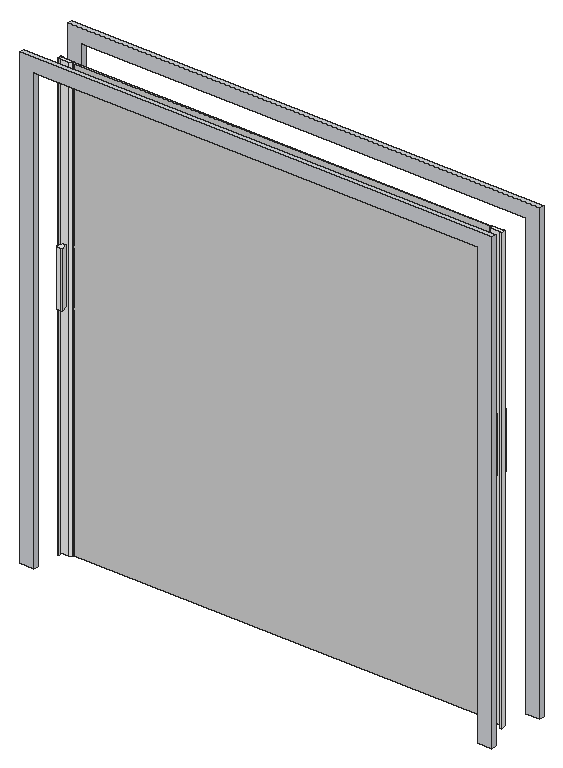
Revit family "Woodfold-Accordion-Door-Family-Series-740-Double", category Doors, host Wall, Revit 2026 (continued)
Definition of nested family "Detail - Panel Section - Recessed Track"
  Lines and regions (in)
    detail lines, in view "Ref. Level"
      curve 30: line (47.35392, -2.28816, 0) -> (47.03637, -2.28816, 0)
      curve 31: arc (47.07493, -2.22839, 0) -> (47.01689, -2.29205, 0) -> (46.95504, -2.23208, 0) r 0.06
      curve 32: line (47.315, -2.25816, 0) -> (47.06907, -2.25816, 0)
      curve 33: line (47.07493, -2.22839, 0) -> (47.35392, -2.22816, 0)
      curve 34: line (47.07511, -2.17209, 0) -> (47.07511, -2.22839, 0)
      curve 35: line (47.375, -2.17209, 0) -> (47.07511, -2.17209, 0)
      curve 36: line (47.375, -2.40479, 0) -> (47.375, 2.40479, 0)
      curve 37: arc (46.955, -1.14495, 0) -> (46.97747, -1.18941, 0) -> (46.955, -1.23387, 0) r 0.05523
      curve 38: arc (46.955, -0.39495, 0) -> (46.97747, -0.43941, 0) -> (46.955, -0.48387, 0) r 0.05523
      curve 39: arc (46.955, 0.47505, 0) -> (46.97747, 0.43059, 0) -> (46.955, 0.38613, 0) r 0.05523
      curve 40: arc (46.955, 1.22505, 0) -> (46.97747, 1.18059, 0) -> (46.955, 1.13613, 0) r 0.05523
      curve 41: arc (46.955, 2.11176, 0) -> (46.96964, 2.14712, 0) -> (47.005, 2.16176, 0) r 0.05
      curve 42: line (47.375, 2.16176, 0) -> (47.005, 2.16176, 0)
      curve 43: arc (47.07511, 1.34792, 0) -> (47.01511, 1.40792, 0) -> (47.07511, 1.46792, 0) r 0.06
      curve 44: arc (47.07511, 1.46792, 0) -> (47.13511, 1.40792, 0) -> (47.07511, 1.34792, 0) r 0.06
      curve 45: arc (47.07511, -1.44643, 0) -> (47.01511, -1.38643, 0) -> (47.07511, -1.32643, 0) r 0.06
      curve 46: arc (47.07511, -1.32643, 0) -> (47.13511, -1.38643, 0) -> (47.07511, -1.44643, 0) r 0.06
      curve 47: arc (47.375, 2.199, 0) -> (47.41022, 2.28802, 0) -> (47.375, 2.37703, 0) r 0.13011
      curve 48: line (47.35392, 2.21839, 0) -> (47.35392, 2.35623, 0)
      curve 49: line (47.35392, 2.22816, 0) -> (46.955, 2.22816, 0)
      curve 94: line (48, -2.40479, 0) -> (48, 2.34521, 0)
      curve 96: line (46.955, -2.23208, 0) -> (46.955, 2.11176, 0)
      curve 98: line (1.73233, -2.22816, 0) -> (1.73233, 2.11585, 0)
    detail lines, in view "Ref. Level", not visible
      curve 50: arc (0, -2.199, 0) -> (-0.03522, -2.28802, 0) -> (0, -2.37703, 0) r 0.13011
      curve 51: line (0.02108, -2.21839, 0) -> (0.02108, -2.35623, 0)
      curve 52: line (0.02108, -2.28816, 0) -> (0.33863, -2.28816, 0)
      curve 53: arc (0.30007, -2.22839, 0) -> (0.36007, -2.29208, 0) -> (0.41983, -2.22816, 0) r 0.06
      curve 54: line (0.06, -2.25816, 0) -> (0.30593, -2.25816, 0)
      curve 55: line (0.30007, -2.22839, 0) -> (0.02108, -2.22816, 0)
      curve 56: line (0.29989, -2.17209, 0) -> (0.29989, -2.22839, 0)
      curve 57: line (0, -2.17209, 0) -> (0.29989, -2.17209, 0)
      curve 58: line (0, -2.40479, 0) -> (0, 2.40479, 0)
      curve 59: arc (0.41983, -1.14507, 0) -> (0.39753, -1.18941, 0) -> (0.41983, -1.23375, 0) r 0.05523
      curve 60: arc (0.41983, -0.39507, 0) -> (0.39753, -0.43941, 0) -> (0.41983, -0.48375, 0) r 0.05523
      curve 61: arc (0.41983, 0.47493, 0) -> (0.39753, 0.43059, 0) -> (0.41983, 0.38625, 0) r 0.05523
      curve 62: arc (0.41983, 1.22493, 0) -> (0.39753, 1.18059, 0) -> (0.41983, 1.13625, 0) r 0.05523
      curve 63: arc (0.41983, 2.11585, 0) -> (0.40388, 2.14854, 0) -> (0.37, 2.16176, 0) r 0.05
      curve 64: line (0, 2.16176, 0) -> (0.37, 2.16176, 0)
      curve 65: arc (0.29989, 1.34792, 0) -> (0.35989, 1.40792, 0) -> (0.29989, 1.46792, 0) r 0.06
      curve 66: arc (0.29989, 1.46792, 0) -> (0.23989, 1.40792, 0) -> (0.29989, 1.34792, 0) r 0.06
      curve 67: arc (0.29989, -1.44643, 0) -> (0.35989, -1.38643, 0) -> (0.29989, -1.32643, 0) r 0.06
      curve 68: arc (0.29989, -1.32643, 0) -> (0.23989, -1.38643, 0) -> (0.29989, -1.44643, 0) r 0.06
      curve 69: arc (0, 2.199, 0) -> (-0.03522, 2.28802, 0) -> (0, 2.37703, 0) r 0.13011
      curve 70: line (0.02108, 2.21839, 0) -> (0.02108, 2.35623, 0)
      curve 71: line (0.41983, 2.22816, 0) -> (0.02108, 2.22816, 0)
      curve 72: arc (8.68994, -2.199, 0) -> (8.72516, -2.28802, 0) -> (8.68994, -2.37703, 0) r 0.13011
      curve 73: line (8.66886, -2.21839, 0) -> (8.66886, -2.35623, 0)
      curve 74: line (8.66886, -2.28816, 0) -> (8.35131, -2.28816, 0)
      curve 75: arc (8.38987, -2.22839, 0) -> (8.33183, -2.29205, 0) -> (8.26998, -2.23208, 0) r 0.06
      curve 76: line (8.62994, -2.25816, 0) -> (8.38402, -2.25816, 0)
      curve 77: line (8.38987, -2.22839, 0) -> (8.66886, -2.22816, 0)
      curve 78: line (8.39005, -2.17209, 0) -> (8.39005, -2.22839, 0)
      curve 79: line (8.68994, -2.17209, 0) -> (8.39005, -2.17209, 0)
      curve 80: line (8.68994, -2.40479, 0) -> (8.68994, 2.40479, 0)
      curve 81: arc (8.26994, -1.14495, 0) -> (8.29241, -1.18941, 0) -> (8.26994, -1.23387, 0) r 0.05523
      curve 82: arc (8.26994, -0.39495, 0) -> (8.29241, -0.43941, 0) -> (8.26994, -0.48387, 0) r 0.05523
      curve 83: arc (8.26994, 0.47505, 0) -> (8.29241, 0.43059, 0) -> (8.26994, 0.38613, 0) r 0.05523
      curve 84: arc (8.26994, 1.22505, 0) -> (8.29241, 1.18059, 0) -> (8.26994, 1.13613, 0) r 0.05523
      curve 85: arc (8.26994, 2.11176, 0) -> (8.28459, 2.14712, 0) -> (8.31994, 2.16176, 0) r 0.05
      curve 86: line (8.68994, 2.16176, 0) -> (8.31994, 2.16176, 0)
      curve 87: arc (8.39005, 1.34792, 0) -> (8.33005, 1.40792, 0) -> (8.39005, 1.46792, 0) r 0.06
      curve 88: arc (8.39005, 1.46792, 0) -> (8.45005, 1.40792, 0) -> (8.39005, 1.34792, 0) r 0.06
      curve 89: arc (8.39005, -1.44643, 0) -> (8.33005, -1.38643, 0) -> (8.39005, -1.32643, 0) r 0.06
      curve 90: arc (8.39005, -1.32643, 0) -> (8.45005, -1.38643, 0) -> (8.39005, -1.44643, 0) r 0.06
      curve 91: arc (8.68994, 2.199, 0) -> (8.72516, 2.28802, 0) -> (8.68994, 2.37703, 0) r 0.13011
      curve 92: line (8.66886, 2.21839, 0) -> (8.66886, 2.35623, 0)
      curve 93: line (8.66886, 2.22816, 0) -> (8.26994, 2.22816, 0)
      curve 95: line (9.31494, -2.40479, 0) -> (9.31494, 2.34521, 0)
      curve 97: line (8.26994, -2.23208, 0) -> (8.26994, 2.11176, 0)
      curve 99: line (0.41983, -2.22816, 0) -> (0.41983, 2.11585, 0)
  Dimensions and locks (in)
    "built-in parameter 1001306": plane 3 "Left" to plane 4 "Right"
    locked: plane 5 to plane 4 "Right" at 1.045
    aligned and locked: plane 1 "Center (Front/Back)" to curve 1
    aligned and locked: plane 4 "Right" to curve 1
    aligned and locked: plane 3 "Left" to curve 1
    aligned and locked: curve 94 to plane 4 "Right"
    aligned and locked: Filled region 1 to plane 5
    aligned and locked: curve 24 to curve 25
    aligned and locked: curve 8 to curve 4
    aligned and locked: curve 12 to nested 1
    aligned and locked: Filled region 1 to curve 98
  Automatic sketch dimensions
    plane 1 "Center (Front/Back)" to Filled region 1 sketch curve = 0' - 2.22816"
    Filled region 1 sketch curve to plane 1 "Center (Front/Back)" = 0' - 2.2317"
    plane 3 "Left" to Filled region 1 sketch curve = 3' - 10.955"
    plane 3 "Left" to Filled region 1 sketch curve = 0' - 1.73233"
    curve 38 to curve 39 = 0' - 0"
    curve 40 to curve 39 = 0' - 0"
    curve 38 to curve 37 = 0' - 0"
    curve 49 to curve 40 = 0' - 0"
    curve 37 to curve 37 = 0' - 0.03276"
    curve 49 to curve 41 = 0' - 0"
    curve 37 to curve 31 = 0' - 0.00004"
    curve 41 to curve 41 = 0' - 0.05"
    curve 42 to curve 41 = 0' - 0"
    curve 31 to curve 30 = 0' - 0.02133"
    curve 30 to curve 32 = 0' - 0.0327"
    curve 32 to curve 33 = 0' - 0.00585"
    curve 37 to curve 46 = 0' - 0.12011"
    curve 40 to curve 43 = 0' - 0.12011"
    curve 31 to curve 35 = 0' - 0.00018"
    curve 42 to curve 47 = 0' - 0.27511"
    curve 32 to curve 28 = 0' - 0.21103"
    curve 28 to curve 32 = 0' - 0.03489"
    curve 47 to curve 48 = 0' - 0.07381"
    curve 32 to curve 29 = 0' - 0.03892"
    curve 29 to curve 28 = 0' - 0.02108"
    curve 47 to curve 94 = 0' - 0 5/8"
    curve 36 to curve 94 = 0' - 0"
    curve 36 to curve 28 = 0' - 0.02776"
    curve 28 to curve 29 = 0' - 0.0208"
    curve 29 to curve 30 = 0' - 0.06807"
    curve 30 to curve 28 = 0' - 0.00014"
    curve 30 to curve 32 = 0' - 0.03"
    curve 31 to curve 34 = 0' - 0"
    curve 33 to curve 29 = 0' - 0.00977"
    curve 34 to curve 34 = 0' - 0.0563"
    curve 34 to curve 46 = 0' - 0.72566"
    curve 45 to curve 45 = 0' - 0.06"
    curve 45 to curve 37 = 0' - 0.09256"
    curve 37 to curve 37 = 0' - 0.04446"
    curve 37 to curve 38 = 0' - 0.66108"
    curve 38 to curve 38 = 0' - 0.04446"
    curve 38 to curve 39 = 0' - 0.78108"
    curve 39 to curve 39 = 0' - 0.04446"
    curve 39 to curve 40 = 0' - 0.66108"
    curve 40 to curve 40 = 0' - 0.04446"
    curve 40 to curve 43 = 0' - 0.12287"
    curve 43 to curve 44 = 0' - 0.06"
    curve 43 to curve 41 = 0' - 0.64384"
    curve 41 to curve 42 = 0' - 0"
    curve 42 to curve 47 = 0' - 0.03724"
    curve 47 to curve 48 = 0' - 0.01939"
    curve 42 to curve 49 = 0' - 0 17/256"
    curve 49 to curve 47 = 0' - 0.05986"
    curve 94 to curve 47 = 0' - 0.03183"
    curve 48 to curve 47 = 0' - 0.0208"
    curve 47 to curve 36 = 0' - 0.02776"
    curve 82 to curve 83 = 0' - 0"
    curve 84 to curve 83 = 0' - 0"
    curve 82 to curve 81 = 0' - 0"
    curve 93 to curve 84 = 0' - 0"
    curve 81 to curve 81 = 0' - 0.03276"
    curve 93 to curve 85 = 0' - 0"
    curve 81 to curve 75 = 0' - 0.00004"
    curve 85 to curve 85 = 0' - 0.05"
    curve 86 to curve 85 = 0' - 0"
    curve 75 to curve 74 = 0' - 0.02133"
    curve 74 to curve 76 = 0' - 0.0327"
    curve 76 to curve 77 = 0' - 0.00585"
    curve 81 to curve 90 = 0' - 0.12011"
    curve 84 to curve 87 = 0' - 0.12011"
    curve 75 to curve 79 = 0' - 0.00018"
    curve 86 to curve 91 = 0' - 0.27511"
    curve 76 to curve 72 = 0' - 0.21103"
    curve 72 to curve 76 = 0' - 0.03489"
    curve 91 to curve 92 = 0' - 0.07381"
    curve 76 to curve 73 = 0' - 0.03892"
    curve 73 to curve 72 = 0' - 0.02108"
    curve 91 to curve 95 = 0' - 0 5/8"
    curve 80 to curve 95 = 0' - 0"
    curve 80 to curve 72 = 0' - 0.02776"
    curve 72 to curve 73 = 0' - 0.0208"
    curve 73 to curve 74 = 0' - 0.06807"
    curve 74 to curve 72 = 0' - 0.00014"
    curve 74 to curve 76 = 0' - 0.03"
    curve 75 to curve 78 = 0' - 0"
    curve 77 to curve 73 = 0' - 0.00977"
    curve 78 to curve 78 = 0' - 0.0563"
    curve 78 to curve 90 = 0' - 0.72566"
    curve 89 to curve 89 = 0' - 0.06"
    curve 89 to curve 81 = 0' - 0.09256"
    curve 81 to curve 81 = 0' - 0.04446"
    curve 81 to curve 82 = 0' - 0.66108"
    curve 82 to curve 82 = 0' - 0.04446"
    curve 82 to curve 83 = 0' - 0.78108"
    curve 83 to curve 83 = 0' - 0.04446"
    curve 83 to curve 84 = 0' - 0.66108"
    curve 84 to curve 84 = 0' - 0.04446"
    curve 84 to curve 87 = 0' - 0.12287"
    curve 87 to curve 88 = 0' - 0.06"
    curve 87 to curve 85 = 0' - 0.64384"
    curve 85 to curve 86 = 0' - 0"
    curve 86 to curve 91 = 0' - 0.03724"
    curve 91 to curve 92 = 0' - 0.01939"
    curve 86 to curve 93 = 0' - 0 17/256"
    curve 93 to curve 91 = 0' - 0.05986"
    curve 95 to curve 91 = 0' - 0.03183"
    curve 92 to curve 91 = 0' - 0.0208"
    curve 91 to curve 80 = 0' - 0.02776"
    curve 43 to curve 44 = 0' - 0"  (x2)
    curve 45 to curve 46 = 0' - 0"  (x2)
    curve 96 to curve 31 = 0' - 0"
    curve 96 to curve 41 = 0' - 0"
    curve 87 to curve 88 = 0' - 0"  (x2)
    curve 89 to curve 90 = 0' - 0"  (x2)
    curve 97 to curve 75 = 0' - 0"
    curve 97 to curve 85 = 0' - 0"
    curve 25 to curve 26 = 0' - 0.04008"
    plane 3 "Left" to curve 8 = 0' - 1.56879"
    curve 8 to curve 9 = 0' - 0.0327"
    curve 9 to plane 5 = 0' - 0.00601"
    curve 8 to plane 5 = 0' - 0.03871"
    curve 26 to plane 5 = 0' - 0.36858"
    curve 26 to curve 25 = 0' - 0.03034"
    curve 8 to curve 9 = 0' - 0.03"
    curve 26 to plane 1 "Center (Front/Back)" = 0' - 2.26161"
    curve 26 to curve 25 = 0' - 0.03"
    curve 23 to curve 24 = 0' - 0.02108"
    curve 2 to curve 3 = 0' - 0.02108"
    curve 4 to curve 6 = 0' - 0.03892"
    curve 27 to curve 23 = 0' - 0.07381"
    curve 6 to curve 2 = 0' - 0.03489"
    curve 2 to curve 10 = 0' - 0.205"
    curve 18 to curve 19 = 0' - 0.29989"
    curve 10 to curve 22 = 0' - 0"
    curve 10 to curve 5 = 0' - 0.00018"
    curve 5 to curve 6 = 0' - 0.00585"
    curve 6 to curve 4 = 0' - 0.0327"
    curve 4 to curve 5 = 0' - 0.02133"
    curve 23 to curve 18 = 0' - 0.27511"
    curve 17 to curve 18 = 0' - 0"  (x2)
    curve 17 to curve 17 = 0' - 0.04983"
    curve 18 to curve 27 = 0' - 0.04983"
    curve 16 to curve 16 = 0' - 0.03293"
    curve 13 to curve 13 = 0' - 0.03293"
    curve 15 to curve 15 = 0' - 0.03293"
    curve 14 to curve 14 = 0' - 0.03293"
    curve 12 to curve 2 = 0' - 0.02776"
    curve 2 to curve 3 = 0' - 0.0208"
    curve 3 to curve 4 = 0' - 0.06807"
    curve 4 to curve 2 = 0' - 0.00014"
    curve 4 to curve 6 = 0' - 0.03"
    curve 7 to curve 10 = 0' - 0"
    curve 7 to curve 3 = 0' - 0.00977"
    curve 10 to curve 11 = 0' - 0.0563"
    curve 10 to curve 22 = 0' - 0.72566"
    curve 21 to curve 22 = 0' - 0.06"
    curve 21 to curve 13 = 0' - 0.09268"
    curve 13 to curve 13 = 0' - 0.04434"
    curve 13 to curve 14 = 0' - 0.66132"
    curve 14 to curve 14 = 0' - 0.04434"
    curve 14 to curve 15 = 0' - 0.78133"
    curve 15 to curve 15 = 0' - 0.04434"
    curve 15 to curve 16 = 0' - 0.66132"
    curve 16 to curve 16 = 0' - 0.04434"
    curve 16 to curve 19 = 0' - 0.12299"
    curve 19 to curve 20 = 0' - 0.06"
    curve 19 to curve 17 = 0' - 0.64384"
    curve 17 to curve 17 = 0' - 0.00409"
    curve 18 to curve 23 = 0' - 0.03724"
    curve 23 to curve 24 = 0' - 0.01939"
    curve 24 to curve 27 = 0' - 0.00977"
    curve 27 to curve 23 = 0' - 0.05986"
    curve 24 to curve 23 = 0' - 0.0208"
    curve 23 to curve 12 = 0' - 0.02776"
    curve 19 to curve 20 = 0' - 0"  (x2)
    curve 21 to curve 22 = 0' - 0"  (x2)
    curve 69 to curve 70 = 0' - 0.02108"
    curve 50 to curve 51 = 0' - 0.02108"
    curve 52 to curve 54 = 0' - 0.03892"
    curve 71 to curve 69 = 0' - 0.07381"
    curve 54 to curve 50 = 0' - 0.03489"
    curve 50 to curve 56 = 0' - 0.205"
    curve 64 to curve 65 = 0' - 0.29989"
    curve 56 to curve 68 = 0' - 0"
    curve 56 to curve 53 = 0' - 0.00018"
    curve 53 to curve 54 = 0' - 0.00585"
    curve 54 to curve 52 = 0' - 0.0327"
    curve 52 to curve 53 = 0' - 0.02133"
    curve 69 to curve 64 = 0' - 0.27511"
    curve 63 to curve 64 = 0' - 0"  (x2)
    curve 63 to curve 63 = 0' - 0.04983"
    curve 64 to curve 71 = 0' - 0.04983"
    curve 62 to curve 62 = 0' - 0.03293"
    curve 59 to curve 59 = 0' - 0.03293"
    curve 61 to curve 61 = 0' - 0.03293"
    curve 60 to curve 60 = 0' - 0.03293"
    curve 58 to curve 50 = 0' - 0.02776"
    curve 50 to curve 51 = 0' - 0.0208"
    curve 51 to curve 52 = 0' - 0.06807"
    curve 52 to curve 50 = 0' - 0.00014"
    curve 52 to curve 54 = 0' - 0.03"
    curve 55 to curve 56 = 0' - 0"
    curve 55 to curve 51 = 0' - 0.00977"
    curve 56 to curve 57 = 0' - 0.0563"
    curve 56 to curve 68 = 0' - 0.72566"
    curve 67 to curve 68 = 0' - 0.06"
    curve 67 to curve 59 = 0' - 0.09268"
    curve 59 to curve 59 = 0' - 0.04434"
    curve 59 to curve 60 = 0' - 0.66132"
    curve 60 to curve 60 = 0' - 0.04434"
    curve 60 to curve 61 = 0' - 0.78133"
    curve 61 to curve 61 = 0' - 0.04434"
    curve 61 to curve 62 = 0' - 0.66132"
    curve 62 to curve 62 = 0' - 0.04434"
    curve 62 to curve 65 = 0' - 0.12299"
    curve 65 to curve 66 = 0' - 0.06"
    curve 65 to curve 63 = 0' - 0.64384"
    curve 63 to curve 63 = 0' - 0.00409"
    curve 64 to curve 69 = 0' - 0.03724"
    curve 69 to curve 70 = 0' - 0.01939"
    curve 70 to curve 71 = 0' - 0.00977"
    curve 71 to curve 69 = 0' - 0.05986"
    curve 70 to curve 69 = 0' - 0.0208"
    curve 69 to curve 58 = 0' - 0.02776"
    curve 65 to curve 66 = 0' - 0"  (x2)
    curve 67 to curve 68 = 0' - 0"  (x2)
  Nested families (in)
    nested 1: "Detail Recessed Track" at (0, 0, 0) x (-1, 0, 0) z (0, 0, 1), type "Detail Track", in view "Ref. Level"
  Definition of nested family "Detail Recessed Track"
    Parameters
      Assembly Code = ""
    Reference planes (in)
      plane 1 "Center (Front/Back)": y = 0
      plane 2: z = 0
      plane 3 "Center (Left/Right)": x = 0
    Lines and regions (in)
      detail lines, in view "Ref. Level"
        curve 1: line (-0.9375, 0.5625, 0) -> (-0.125, 0.5625, 0)
        curve 2: line (-0.125, -0.5625, 0) -> (-0.9375, -0.5625, 0)
        curve 3: line (-0.125, 0.5625, 0) -> (-0.125, -0.5625, 0)
        curve 4: line (-1.0625, -0.4375, 0) -> (-1.0625, -0.3125, 0)
        curve 5: line (-1.3125, -0.15789, 0) -> (-1.3125, 0.15789, 0)
        curve 6: line (-1.3125, 0.15789, 0) -> (-0.8125, 0.15789, 0)
        curve 7: line (-1.3125, -0.15789, 0) -> (-0.8125, -0.15789, 0)
        curve 8: line (-1.0625, -0.4375, 0) -> (-0.9375, -0.5625, 0)
        curve 9: line (-1.0625, -0.3125, 0) -> (-0.90789, -0.15789, 0)
        curve 10: line (-1.0625, 0.4375, 0) -> (-1.0625, 0.3125, 0)
        curve 11: line (-1.0625, 0.4375, 0) -> (-0.9375, 0.5625, 0)
        curve 12: line (-1.0625, 0.3125, 0) -> (-0.90789, 0.15789, 0)
        curve 13: line (-0.88572, 0.4375, 0) -> (-0.25, 0.4375, 0)
        curve 14: line (-0.25, 0.4375, 0) -> (-0.25, -0.4375, 0)
        curve 15: line (-0.25, -0.4375, 0) -> (-0.88572, -0.4375, 0)
        curve 16: line (-0.9375, -0.38572, 0) -> (-0.88572, -0.4375, 0)
        curve 17: line (-0.9375, -0.38572, 0) -> (-0.9375, -0.36428, 0)
        curve 18: line (-0.9375, -0.36428, 0) -> (-0.81951, -0.24628, 0)
        curve 19: line (-0.9375, 0.36428, 0) -> (-0.81951, 0.24628, 0)
        curve 20: line (-0.9375, 0.38572, 0) -> (-0.9375, 0.36428, 0)
        curve 21: line (-0.9375, 0.38572, 0) -> (-0.88572, 0.4375, 0)
        curve 22: line (-0.81951, -0.24628, 0) -> (-0.90789, -0.15789, 0)
        curve 23: line (-0.90789, 0.15789, 0) -> (-0.81951, 0.24628, 0)
        curve 24: line (-0.8125, -0.3125, 0) -> (-0.8125, 0.3125, 0)
        curve 25: arc (-0.33779, 0.4375, 0) -> (-0.27529, 0.375, 0) -> (-0.33779, 0.3125, 0) r 0.0625
        curve 26: line (-0.33779, 0.3125, 0) -> (-0.85749, 0.3125, 0)
        curve 27: arc (-0.85749, 0.4375, 0) -> (-0.91999, 0.375, 0) -> (-0.85749, 0.3125, 0) r 0.0625
        curve 28: arc (-0.33779, -0.4375, 0) -> (-0.27529, -0.375, 0) -> (-0.33779, -0.3125, 0) r 0.0625
        curve 29: line (-0.33779, -0.3125, 0) -> (-0.85749, -0.3125, 0)
        curve 30: arc (-0.85749, -0.4375, 0) -> (-0.91999, -0.375, 0) -> (-0.85749, -0.3125, 0) r 0.0625
        curve 31: line (-0.4375, -0.3125, 0) -> (-0.4375, 0.3125, 0)
        curve 32: line (-0.9375, 0.5625, 0) -> (-0.1875, 0.5625, 0)
        curve 33: line (-0.1875, -0.5625, 0) -> (-0.9375, -0.5625, 0)
        curve 34: line (-1.0625, -0.4375, 0) -> (-1.0625, -0.3125, 0)
        curve 35: line (-1.3125, -0.15789, 0) -> (-1.3125, 0.15789, 0)
        curve 36: line (-1.3125, 0.15789, 0) -> (-0.90789, 0.15789, 0)
        curve 37: line (-1.3125, -0.15789, 0) -> (-0.90789, -0.15789, 0)
        curve 38: line (-1.0625, -0.4375, 0) -> (-0.9375, -0.5625, 0)
        curve 39: line (-1.0625, -0.3125, 0) -> (-0.90789, -0.15789, 0)
        curve 40: line (-1.0625, 0.4375, 0) -> (-1.0625, 0.3125, 0)
        curve 41: line (-1.0625, 0.4375, 0) -> (-0.9375, 0.5625, 0)
        curve 42: line (-1.0625, 0.3125, 0) -> (-0.90789, 0.15789, 0)
        curve 43: line (-0.75, 0.65625, 0) -> (-0.75, 1.90625, 0)
        curve 44: line (-0.75, 0.65625, 0) -> (0, 0.65625, 0)
        curve 45: line (0, 0.65625, 0) -> (0, -0.65625, 0)
        curve 46: line (0, -0.65625, 0) -> (-0.75, -0.65625, 0)
        curve 47: line (-0.75, -0.65625, 0) -> (-0.75, -1.90625, 0)
        curve 48: line (-0.875, 0.5625, 0) -> (-0.875, 1.90625, 0)
        curve 49: line (-0.875, -0.5625, 0) -> (-0.875, -1.90625, 0)
        curve 50: line (-0.875, 1.90625, 0) -> (-0.75, 1.90625, 0)
        curve 51: line (-0.875, -1.90625, 0) -> (-0.75, -1.90625, 0)
    Nested families (in)
      nested 1: "Metal Screw" at (0.37615, 0, 0) x (0, 1, 0) z (0, 0, 1), type "1"", in view "Ref. Level"
    Definition of nested family "Metal Screw"
      Parameters
        Length = 0' - 1 1/2"
        Assembly Code = ""
      Reference planes (in)
        plane 1 "Center (Front/Back)": y = 0.62615
        plane 2: z = 0
        plane 3 "Center (Left/Right)": x = 0
        plane 4: y = -0.87385
      Lines and regions (in)
        Filled region 1, type "Steel", in view "Ref. Level"
          outline origin (0, 0, 0) x (1, 0, 0) y (0, 1, 0)
            loop
              line (-0.18472, 0.62615) -> (-0.0625, 0.62615) -> (-0.0625, -0.87385) -> (0, -0.93635) -> (0.0625, -0.87385) -> (0.0625, 0.62615) -> (0.18472, 0.62615)
              arc (0.18472, 0.62615) -> (0, 0.75115) -> (-0.18472, 0.62615) r 0.19899
        detail lines, in view "Ref. Level"
          curve 1: line (0.18472, 0.62615, 0) -> (0.05972, 0.62615, 0)
          curve 2: line (0.0625, 0.62615, 0) -> (0.0625, -0.87385, 0)
          curve 3: line (0.0625, -0.87385, 0) -> (0, -0.93635, 0)
          curve 4: line (-0.0625, 0.62615, 0) -> (-0.0625, -0.87385, 0)
          curve 5: line (-0.0625, -0.87385, 0) -> (0, -0.93635, 0)
          curve 7: line (-0.18472, 0.62615, 0) -> (-0.05972, 0.62615, 0)
          curve 8: arc (-0.18472, 0.62615, 0) -> (0, 0.75115, 0) -> (0.18472, 0.62615, 0) r 0.19899
        detail lines, in view "Ref. Level", not visible
          curve 6: line (0.18472, 0.8125, 0) -> (0.05972, 0.8125, 0)
          curve 9: line (-0.18472, 0.8125, 0) -> (-0.05972, 0.8125, 0)
          curve 10: arc (-0.18472, 0.8125, 0) -> (0, 0.9375, 0) -> (0.18472, 0.8125, 0) r 0.19899
          curve 11: line (0.0625, -1.18635, 0) -> (0, -1.24885, 0)
          curve 12: line (-0.0625, -1.18635, 0) -> (0, -1.24885, 0)
      Dimensions and locks (in)
        "Length": plane 1 "Center (Front/Back)" to plane 4
        aligned and locked: plane 1 "Center (Front/Back)" to curve 7
        aligned and locked: plane 4 to curve 2
        aligned and locked: plane 4 to curve 4
        aligned and locked: plane 4 to curve 3
        aligned and locked: Filled region 1 sketch curve to curve 7
        aligned and locked: Filled region 1 sketch curve to curve 4
        aligned and locked: Filled region 1 sketch curve to curve 5
        aligned and locked: Filled region 1 sketch curve to curve 3
        aligned and locked: Filled region 1 sketch curve to curve 2
        aligned and locked: Filled region 1 sketch curve to curve 1
      Automatic sketch dimensions
        curve 4 to plane 1 "Center (Front/Back)" = 0' - 0"
        curve 2 to plane 1 "Center (Front/Back)" = 0' - 0"
        curve 4 to plane 3 "Center (Left/Right)" = 0' - 0 1/16"
        plane 3 "Center (Left/Right)" to curve 2 = 0' - 0 1/16"
        curve 7 to curve 7 = 0' - 0 1/8"
        curve 7 to curve 8 = 0' - 0.05972"
        curve 8 to curve 1 = 0' - 0.05972"
        curve 1 to curve 8 = 0' - 0 1/8"
        curve 8 to curve 7 = 0' - 0.07399"
        curve 9 to curve 9 = 0' - 0 1/8"
        curve 9 to curve 10 = 0' - 0.05972"
        curve 10 to curve 6 = 0' - 0.05972"
        curve 6 to curve 10 = 0' - 0 1/8"
        curve 10 to curve 9 = 0' - 0.07399"
        Filled region 1 sketch curve to plane 3 "Center (Left/Right)" = 0' - 0"
        Filled region 1 sketch curve to Filled region 1 sketch curve = 0' - 0.12222"
        plane 1 "Center (Front/Back)" to Filled region 1 sketch curve = 0' - 0.07399"
Definition of nested family "Detail - Double Opening Arrow"
  Parameters
    built-in parameter 1001306 [instance] = 5' - 0"
  Reference planes (in)
    plane 1 "Center (Front/Back)": y = 0
    plane 2: z = 0
    plane 3 "Left": x = 0
    plane 4 "Right": x = 60
  Lines and regions (in)
    reference lines, in view "Ref. Level"
      curve 1: line (0, 0, 0) -> (60, 0, 0)
    detail lines, in view "Ref. Level"
      curve 2: line (0, 0, 0) -> (60, 0, 0)
      curve 3: line (51.51472, 8.48528, 0) -> (60, 0, 0)
      curve 4: line (60, 0, 0) -> (51.51472, -8.48528, 0)
      curve 5: line (0, 0, 0) -> (8.48528, 8.48528, 0)
      curve 6: line (0, 0, 0) -> (8.48528, -8.48528, 0)
  Dimensions and locks (in)
    "built-in parameter 1001306": plane 3 "Left" to plane 4 "Right"
    aligned and locked: plane 1 "Center (Front/Back)" to curve 1
    aligned and locked: plane 4 "Right" to curve 1
    aligned and locked: plane 3 "Left" to curve 1
  Automatic sketch dimensions
    curve 5 to plane 1 "Center (Front/Back)" = 0' - 0"
    curve 5 to plane 3 "Left" = 0' - 0"
    curve 2 to plane 4 "Right" = 0' - 0"
    plane 3 "Left" to curve 5 = 0' - 8.48528"
    plane 3 "Left" to curve 6 = 0' - 8.48528"
    plane 4 "Right" to curve 3 = 0' - 8.48528"
    plane 4 "Right" to curve 4 = 0' - 8.48528"
    plane 1 "Center (Front/Back)" to curve 4 = 0' - 8.48528"
    curve 5 to plane 1 "Center (Front/Back)" = 0' - 8.48528"
Types (4): name | Surface Track | Recessed Track | Hardware Type
  8'-0" x 8'-0" Surface Mounted w/Keylock | yes | no | "Keylock two-sides"
  8'-0" x 8'-0" Surface Mounted w/Deadlatch | yes | no | "Deadlatch with Thumbturn Two-sides"
  8'-0" x 8'-0" Recessed Track w/Deadlatch | no | yes | "Deadlatch with Thumbturn Two-sides"
  8'-0" x 8'-0" Recessed Track w/Keylock | no | yes | "Keylock two-sides"
